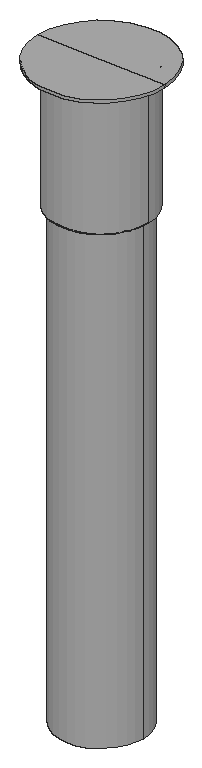
Revit family "Haworth_Masters_Accessories_ColumnBase", category Furniture Systems, Revit 2018
Family settings
  Round Connector Dimension = Use Diameter
  Part Type = Normal
  OmniClass Number = 23.40.70.14.64
  OmniClass Title = Retail and Commercial Furnishings
  Work Plane-Based = No
  Always vertical = Yes
  Cut with Voids When Loaded = No
  Shared = No
  Room Calculation Point = No
Parameters (values of type "XZEC-2804")
  Warranty = "https://www.haworth.com/resources/product-info/warranties"
  URL - Product = "https://www.haworth.com/products/desks/freestanding/masters-series"
  URL = "www.haworth.com"
  Trim Finish [instance] = Haworth _ Metal _ Chrome
  Top Radius = 3"  # constant formula
  Radius = 2"  # constant formula
  OmniClass Number = ""
  Model = "XZEC"  # constant formula
  Material Options = ""
  Sustainability Info = "https://www.haworth.com/company-info/sustainability"
  Size = "Verify Final Dim. w/ Haworth"  # constant formula
  Revision Number = "1"  # constant formula
  Manufacturer = "Haworth"  # constant formula
  Description = "Haworth - Masters - Accessory - Column Base"  # constant formula
  Author = "Haworth (Alias)"  # constant formula
  Assembly Code = ""
  Actual Height = 28"  # constant formula
Reference planes (in)
  plane 1 "Center F/B": y = 5.5
  plane 2: z = 0
  plane 3 "Center L/R": x = 0
  plane 4 "Table Bottom": z = 27.875
  plane 5: z = 28
Forms (in)
  Revolve 1, solid, material "Haworth _ Metal _ Chrome" <- "Trim Finish"
    sketch origin (0, 5.5, 0) x (1, 0, 0) y (0, 0, 1)
      loop
        line (-2.25, 27.875) -> (-2.25, 21.915) -> (-2.21, 21.875) -> (-2, 21.875) -> (-2, 0) -> (0, 0) -> (0, 28) -> (-3, 28) -> (-3, 27.875) -> (-2.25, 27.875)
      axis (0, 28) -> (0, 0)
    angle from 0 to 360
Lines and regions (in)
  Masking region 1
    outline origin (0, 0, 0) x (1, 0, 0) y (0, 1, 0)
      loop
        circle (0, 5.5) r 3
Dimensions and locks (in)
  "Actual Height": plane 5 to plane 2
  locked: plane 4 "Table Bottom" to Revolve 1 sketch curve at 6
  locked: plane 5 to plane 4 "Table Bottom" at 0.125
  "Top Radius": radius of Masking region 1 sketch curve
  aligned and locked: Revolve 1 sketch curve to plane 2
  aligned and locked: plane 5 to Revolve 1 sketch curve
  aligned and locked: plane 4 "Table Bottom" to Revolve 1 sketch curve
  aligned and locked: plane 1 "Center F/B" to Masking region 1 sketch curve
  aligned and locked: plane 3 "Center L/R" to Masking region 1 sketch curve
Automatic sketch dimensions
  Revolve 1 sketch curve to plane 3 "Center L/R" = 0"  (x2)
  Revolve 1 sketch curve to Revolve 1 sketch curve = 2"
  Revolve 1 sketch curve to Revolve 1 sketch curve = 0.21"
  Revolve 1 sketch curve to plane 3 "Center L/R" = 2 1/4"
  Revolve 1 sketch curve to Revolve 1 sketch curve = 3/4"
  Revolve 1 sketch curve to Revolve 1 sketch curve = 0.04"
  Revolve 1 sketch curve to Revolve 1 sketch curve = 11 7/16"
  Revolve 1 sketch curve to Revolve 1 sketch curve = 2 5/8"
